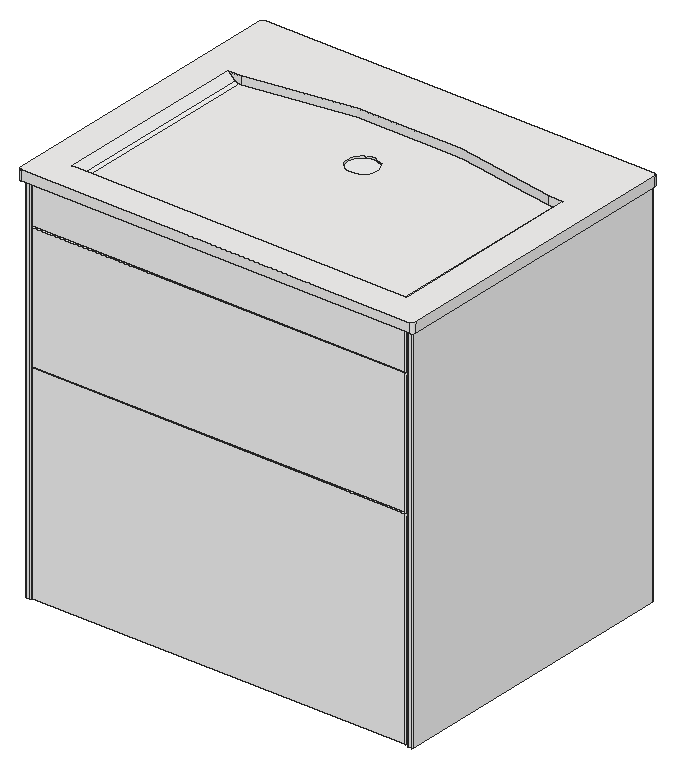
Revit family "CONV_Geberit_StorageUnits_IfoSense_SSMP60V2", category Furniture, Revit 2016
Family settings
  OmniClass Number = 23.40.20.21
  OmniClass Title = Toilet and Bath Specialties
  Work Plane-Based = No
  Always vertical = Yes
  Cut with Voids When Loaded = No
  Shared = No
  Room Calculation Point = No
Parameters (values of type "Ifo Sense furniture package SSMP 60 V2")
  WashbasinVisibility [instance] = yes
  WarrantyStartDate [instance] = "n/a"
  WarrantyGuarantorParts = "n/a"
  WarrantyGuarantorLabor = "n/a"
  WarrantyDurationUnit = "Year"
  WarrantyDurationParts = "n/a"
  WarrantyDurationLabor = "n/a"
  WarrantyDescription = "n/a"
  VersionDate = "19/04/2018"  # constant formula
  Version = "1"  # constant formula
  Uniclass2015Reference = "Pr_40_30_78_03"
  Uniclass2015Description = "Bathroom cabinets"
  Uniclass2 = "Pr_40_30_78_06"
  URL = "https://www.ifo.se/"
  Type Comments = ""
  TagNumber [instance] = "n/a"
  SustainabilityPerformance = "n/a"
  Style = "n/a"
  Size = "625x514x595 mm"
  Shape = "Rectangular"
  SerialNumber [instance] = "n/a"
  Revision = "n/a"
  ReplacementCost = "n/a"
  ProductURL_SE = "http://www.ifo.se/produkter/mobler/"
  ProductURL_NO = "http://www.ifosanitar.no/produkter/baderomsmbler/"
  ProductURL_DK = "http://www.ifo.dk/produkter/badevrelsesmbler/"
  ProductInformation = "Ifo Sense complete furniture package with underside, white, two soft-closing drawers and a washbasin with thin edge. A shelf, prepared for plumbing installation without extra hole picking. Straight grip in aluminum, water trap and adjustable suspension bracket included. Mixer not included."
  NotWashbasin [instance] = not(WashbasinVisibility)  # no
  NominalLength = 612.2 mm
  NominalHeight = 595 mm
  NominalDepth = 472 mm
  Name = "StorageUnits_IfoSense_SSMP60V2"
  NBSReference = "45-35-72/318"
  NBSDescription = "Bathroom cabinets"
  ModelReference = "n/a"
  ModelNumber = "42642"
  Material = "Wood, metal, porcelain"
  ManufacturerURL = "https://www.ifo.se/"
  ManufacturerName = "Ifo (Geberit Group)"
  MainColor = "White"
  InstallationDate [instance] = "n/a"
  ExpiringDate = "12/2018"  # constant formula
  Elevation [instance] = 450 mm
  EANNumber = "7391515443035"
  Description = ""
  Collection = "Ifo Sense"
  Model = "Ifo Sense furniture package SSMP 60 V2"
  Manufacturer = "Ifo (Geberit Group)"
  IfcExportType = "CABINET"  # constant formula
  IfcExportAs = "IfcFurnitureType"  # constant formula
  Grade = "n/a"
  Finish = "n/a"
  Features = "Water trap and adjustable suspension bracket"
  ExpectedLife = "n/a"
  DurationUnit = "Year"
  Cost = 0
  ConvergoRefNr = "0132-1802-0017-SE"
  Constituents = "n/a"
  Color = "White"
  CodePerformance = "n/a"
  Category = "Sink Cabinet"
  CabinetSecondaryMaterial = Porcelain, White
  CabinetMainMaterial = White
  Brand = "Ifo"
  Barcode [instance] = "n/a"
  BIMObjectName = "CONV_Geberit_StorageUnits_IfoSense_SSMP60V2"
  Author = "Convergo AB"  # constant formula
  AssetType = "Fixed"
  AssetIdentifier [instance] = "n/a"
  AccessibilityPerformance = "n/a"
Reference planes
  plane 1 "Center (Front/Back)": y = 0
  plane 2: z = 0
  plane 3 "Center (Left/Right)": x = 0
  plane 4: y = 236
  plane 5: y = -236
  plane 6: x = -306.1
  plane 7: x = 306.1
  plane 8: z = 450
  plane 9: z = 1045
  plane 10: z = 1030
Forms (mm)
  Extrusion 1, solid, material "White" <- "CabinetMainMaterial", visible <- "WashbasinVisibility", detail levels coarse
    sketch origin (0, 0, 0) x (1, 0, 0) y (0, 0, 1)
      loop
        line (-306.1, 1045) -> (-306.1, 450) -> (306.1, 450) -> (306.1, 1045) -> (-306.1, 1045)
    from 236 to -236
  Extrusion 2, solid, material "White" <- "CabinetMainMaterial", visible <- "NotWashbasin", detail levels coarse
    sketch origin (0, 0, 0) x (1, 0, 0) y (0, 0, 1)
      loop
        line (-300, 1030) -> (-300, 450) -> (300, 450) -> (300, 1030) -> (-300, 1030)
    from 230 to -236
Lines and regions (mm)
  symbolic lines, detail levels medium+fine
    curve 1: line (-300, 0, 450) -> (-300, 0, 1030)
    curve 2: line (-300, 0, 450) -> (300, 0, 450)
    curve 5: line (300, 0, 450) -> (300, 0, 1030)
    curve 9: line (0, 236, 450) -> (0, 236, 1030)
    curve 10: line (0, -230, 450) -> (0, -230, 1030)
    curve 11: line (0, -230, 450) -> (0, 236, 450)
  symbolic lines, detail levels fine
    curve 3: line (-292, 0, 1030) -> (-292, 0, 450)
    curve 4: line (-292, 0, 967) -> (292, 0, 967)
    curve 6: line (292, 0, 1030) -> (292, 0, 450)
    curve 12: line (-292, 0, 774) -> (292, 0, 774)
    curve 13: line (292, 0, 772) -> (-292, 0, 772)
    curve 14: line (-292, 0, 969) -> (292, 0, 969)
    curve 17: line (-284, 0, 1029) -> (284, 0, 1029)
    curve 19: line (-284, 0, 1029) -> (-292, 0, 1029)
    curve 20: line (284, 0, 1029) -> (292, 0, 1029)
    curve 21: line (0, 236, 1030) -> (0, -230, 1030)
  symbolic lines, visible <- "NotWashbasin", detail levels medium+fine
    curve 7: line (-300, 0, 1030) -> (-284, 0, 1030)
    curve 15: line (300, 0, 1030) -> (284, 0, 1030)
    curve 36: line (-300, 235, 0) -> (-300, -228, 0)
    curve 37: arc (-300, -228, 0) -> (-299.414, -229.414, 0) -> (-298, -230, 0) r 2
    curve 38: arc (-294, -230, 0) -> (-292.586, -229.414, 0) -> (-292, -228, 0) r 2
    curve 39: line (-292, -228, 0) -> (-292, -218, 0)
    curve 40: arc (-292, -218, 0) -> (-291.707, -217.293, 0) -> (-291, -217, 0) r 1
    curve 41: line (-291, -217, 0) -> (-285, -217, 0)
    curve 42: arc (-285, -217, 0) -> (-284.293, -216.707, 0) -> (-284, -216, 0) r 1
    curve 43: line (-284, -216, 0) -> (-284, -214, 0)
    curve 44: line (284, -214, 0) -> (281, -214, 0)
    curve 45: arc (-281, -214, 0) -> (-281.707, -214.293, 0) -> (-282, -215, 0) r 1
    curve 46: line (-282, -215, 0) -> (-282, -221, 0)
    curve 47: arc (-282, -221, 0) -> (-282.293, -221.707, 0) -> (-283, -222, 0) r 1
    curve 48: line (-283, -222, 0) -> (-289, -222, 0)
    curve 49: arc (-289, -222, 0) -> (-289.707, -222.293, 0) -> (-290, -223, 0) r 1
    curve 50: line (-290, -223, 0) -> (-290, -228, 0)
    curve 51: arc (-290, -228, 0) -> (-289.414, -229.414, 0) -> (-288, -230, 0) r 2
    curve 52: line (-288, -230, 0) -> (288, -230, 0)
    curve 53: line (299, 236, 0) -> (-299, 236, 0)
    curve 54: arc (288, -230, 0) -> (289.414, -229.414, 0) -> (290, -228, 0) r 2
    curve 55: line (290, -228, 0) -> (290, -223, 0)
    curve 56: arc (290, -223, 0) -> (289.707, -222.293, 0) -> (289, -222, 0) r 1
    curve 57: line (289, -222, 0) -> (283, -222, 0)
    curve 58: arc (283, -222, 0) -> (282.293, -221.707, 0) -> (282, -221, 0) r 1
    curve 59: line (282, -221, 0) -> (282, -215, 0)
    curve 60: arc (282, -215, 0) -> (281.707, -214.293, 0) -> (281, -214, 0) r 1
    curve 62: arc (284, -216, 0) -> (284.293, -216.707, 0) -> (285, -217, 0) r 1
    curve 63: line (285, -217, 0) -> (291, -217, 0)
    curve 64: arc (291, -217, 0) -> (291.707, -217.293, 0) -> (292, -218, 0) r 1
    curve 65: line (292, -218, 0) -> (292, -228, 0)
    curve 66: arc (292, -228, 0) -> (292.586, -229.414, 0) -> (294, -230, 0) r 2
    curve 67: line (294, -230, 0) -> (298, -230, 0)
    curve 68: arc (298, -230, 0) -> (299.414, -229.414, 0) -> (300, -228, 0) r 2
    curve 69: line (300, -228, 0) -> (300, 235, 0)
    curve 70: arc (300, 235, 0) -> (299.707, 235.707, 0) -> (299, 236, 0) r 1
    curve 71: line (284, -214, 0) -> (284, -216, 0)
    curve 74: line (-281, -214, 0) -> (-284, -214, 0)
    curve 95: line (-298, -230, 0) -> (-294, -230, 0)
    curve 96: line (294, -230, 0) -> (298, -230, 0)
  symbolic lines, visible <- "NotWashbasin", detail levels medium
    curve 8: line (-284, 0, 1030) -> (-284, 0, 1029)
    curve 16: line (284, 0, 1030) -> (284, 0, 1029)
    curve 18: line (284, 0, 1029) -> (-284, 0, 1029)
    curve 22: line (0, 236, 1030) -> (0, -230, 1030)
  symbolic lines, visible <- "WashbasinVisibility", detail levels medium+fine
    curve 23: line (0, -230, 1030) -> (0, -236.004, 1030)
    curve 24: line (0, -236.004, 1030) -> (0, -236.004, 1045)
    curve 25: line (0, -236.004, 1045) -> (0, 236.004, 1045)
    curve 26: line (0, 236.004, 1045) -> (0, 236.004, 1030)
    curve 27: line (-300, 0, 1030) -> (-301.106, 0, 1030)
    curve 28: line (-306.106, 0, 1035) -> (-306.106, 0, 1040)
    curve 29: line (-301.106, 0, 1045) -> (301.106, 0, 1045)
    curve 30: line (306.106, 0, 1040) -> (306.106, 0, 1035)
    curve 31: line (301.106, 0, 1030) -> (300, 0, 1030)
    curve 32: arc (301.106, 0, 1045) -> (304.641, 0, 1043.536) -> (306.106, 0, 1040) r 5
    curve 33: arc (306.106, 0, 1035) -> (304.641, 0, 1031.464) -> (301.106, 0, 1030) r 5
    curve 34: arc (-301.106, 0, 1045) -> (-304.641, 0, 1043.536) -> (-306.106, 0, 1040) r 5
    curve 35: arc (-306.106, 0, 1035) -> (-304.641, 0, 1031.464) -> (-301.106, 0, 1030) r 5
    curve 87: arc (-301.106, 236.004, 0) -> (-304.641, 234.54, 0) -> (-306.106, 231.004, 0) r 5
    curve 88: line (-306.106, 231.004, 0) -> (-306.106, -231.004, 0)
    curve 89: line (301.106, 236.004, 0) -> (-301.106, 236.004, 0)
    curve 90: arc (-306.106, -231.004, 0) -> (-304.641, -234.54, 0) -> (-301.106, -236.004, 0) r 5
    curve 91: line (-301.106, -236.004, 0) -> (301.106, -236.004, 0)
    curve 92: arc (301.106, -236.004, 0) -> (304.641, -234.54, 0) -> (306.106, -231.004, 0) r 5
    curve 93: line (306.106, -231.004, 0) -> (306.106, 231.004, 0)
    curve 94: arc (306.106, 231.004, 0) -> (304.641, 234.54, 0) -> (301.106, 236.004, 0) r 5
  symbolic lines, visible <- "NotWashbasin", detail levels fine
    curve 61: line (284, 236, 0) -> (284, -214, 0)
    curve 72: line (281, -214, 0) -> (-281, -214, 0)
    curve 73: line (-284, -214, 0) -> (-284, 236, 0)
  symbolic lines, visible <- "WashbasinVisibility", detail levels fine
    curve 75: arc (237.532, 111.756, 0) -> (0, 140.548, 0) -> (-237.532, 111.756, 0) r 994.232
    curve 76: line (-249.662, 111.756, 0) -> (-237.532, 111.756, 0)
    curve 77: line (-259.662, -181.016, 0) -> (-259.662, 101.756, 0)
    curve 78: line (249.662, -191.016, 0) -> (-249.662, -191.016, 0)
    curve 79: line (259.662, 101.756, 0) -> (259.662, -181.016, 0)
    curve 80: line (249.662, 111.756, 0) -> (237.532, 111.756, 0)
    curve 81: arc (22.999, 48.12, 0) -> (0, 71.12, 0) -> (-22.999, 48.12, 0) r 22.999
    curve 82: arc (-22.999, 48.12, 0) -> (0, 25.121, 0) -> (22.999, 48.12, 0) r 22.999
    curve 83: arc (-259.662, -181.016, 0) -> (-256.733, -188.087, 0) -> (-249.662, -191.016, 0) r 10
    curve 84: arc (249.662, -191.016, 0) -> (256.733, -188.087, 0) -> (259.662, -181.016, 0) r 10
    curve 85: arc (259.662, 101.756, 0) -> (256.733, 108.827, 0) -> (249.662, 111.756, 0) r 10
    curve 86: arc (-259.662, 101.756, 0) -> (-256.733, 108.827, 0) -> (-249.662, 111.756, 0) r 10
    curve 97: line (300, 0, 1030) -> (-300, 0, 1030)
Dimensions and locks
  equal spacing: plane 6, plane 3 "Center (Left/Right)", plane 7
  "NominalLength": plane 6 to plane 7
  equal spacing: plane 4, plane 1 "Center (Front/Back)", plane 5
  "NominalDepth": plane 4 to plane 5
  "Elevation": plane 8 to level
  plane 10 to plane 8 = 580 mm
  "NominalHeight": plane 8 to plane 9
  aligned and locked: level to plane 2
  aligned and locked: plane 4 to nested 1
  aligned and locked: nested 1 to plane 8
  aligned and locked: nested 1 to curve 18
  aligned and locked: curve 7 to nested 1
  aligned and locked: nested 1 to curve 15
  aligned and locked: curve 36 to nested 1
  aligned and locked: curve 37 to nested 1
  aligned and locked: curve 38 to nested 1
  aligned and locked: curve 39 to nested 1
  aligned and locked: curve 40 to nested 1
  aligned and locked: curve 41 to nested 1
  aligned and locked: curve 42 to nested 1
  aligned and locked: plane 8 to curve 11
  aligned and locked: plane 8 to nested 1
  aligned and locked: curve 25 to plane 9
  aligned and locked: curve 22 to nested 1
  aligned and locked: plane 10 to nested 1
  aligned and locked: nested 2 to plane 10
  aligned and locked: plane 8 to Extrusion 1 sketch curve
  aligned and locked: plane 7 to Extrusion 1 sketch curve
  aligned and locked: plane 6 to Extrusion 1 sketch curve
  aligned and locked: plane 9 to Extrusion 1 sketch curve
  aligned and locked: Extrusion 1 to plane 5
  aligned and locked: plane 4 to Extrusion 1
  aligned and locked: Extrusion 2 sketch curve to nested 1
  aligned and locked: Extrusion 2 sketch curve to curve 1
  aligned and locked: Extrusion 2 sketch curve to curve 2
  aligned and locked: Extrusion 2 sketch curve to curve 5
  aligned and locked: Extrusion 2 to curve 10
  aligned and locked: plane 4 to Extrusion 2
Automatic sketch dimensions
  curve 53 to plane 4 = 0 mm
  curve 81 to plane 3 "Center (Left/Right)" = 0 mm
  curve 75 to plane 3 "Center (Left/Right)" = 0 mm
  plane 6 to curve 76 = 68.568 mm
  plane 6 to curve 83 = 56.438 mm
  curve 86 to curve 75 = 12.13 mm
  curve 77 to curve 83 = 10 mm
  plane 6 to curve 72 = 25.1 mm
  curve 46 to curve 45 = 1 mm
  curve 48 to curve 47 = 1 mm
  curve 74 to curve 45 = 2 mm
  curve 42 to curve 42 = 1 mm
  plane 5 to curve 52 = 6 mm
  curve 52 to curve 47 = 5 mm
  curve 48 to curve 47 = 6 mm
  curve 50 to curve 49 = 1 mm
  curve 40 to curve 48 = 2 mm
  curve 39 to curve 50 = 2 mm
  curve 38 to curve 38 = 2 mm
  curve 95 to curve 95 = 4 mm
  curve 36 to curve 37 = 2 mm
  curve 90 to curve 36 = 1.106 mm
  plane 4 to curve 89 = 0.004 mm
  curve 89 to curve 36 = 1.106 mm
  curve 88 to plane 6 = 0.006 mm
  plane 7 to curve 80 = 68.568 mm
  curve 75 to curve 80 = 12.13 mm
  plane 7 to curve 78 = 56.438 mm
  curve 84 to curve 79 = 10 mm
  plane 7 to curve 72 = 25.1 mm
  curve 60 to curve 59 = 1 mm
  curve 58 to curve 57 = 1 mm
  curve 60 to curve 44 = 2 mm
  curve 62 to curve 62 = 1 mm
  curve 58 to curve 54 = 5 mm
  curve 57 to curve 57 = 6 mm
  curve 54 to curve 55 = 2 mm
  curve 57 to curve 64 = 2 mm
  curve 64 to curve 65 = 1 mm
  curve 66 to curve 66 = 2 mm
  curve 66 to curve 68 = 4 mm
  curve 70 to plane 4 = 1 mm
  plane 7 to curve 70 = 7.1 mm
  curve 68 to curve 92 = 1.106 mm
  curve 70 to curve 89 = 1.106 mm
  curve 93 to plane 7 = 0.006 mm
  curve 67 to curve 55 = 2 mm
  curve 95 to curve 50 = 2 mm
  plane 5 to curve 88 = 4.996 mm
  curve 75 to plane 5 = 617.685 mm
  curve 50 to curve 50 = 5 mm
  curve 54 to curve 56 = 5 mm
  curve 48 to curve 39 = 4 mm
  curve 57 to curve 65 = 4 mm
  curve 71 to curve 59 = 1 mm
  curve 60 to curve 78 = 22.984 mm
  curve 82 to plane 1 "Center (Front/Back)" = 48.12 mm
  curve 81 to plane 3 "Center (Left/Right)" = 22.999 mm
  curve 36 to curve 53 = 1 mm
  curve 36 to plane 4 = 1 mm
  curve 34 to plane 9 = 0 mm
  curve 1 to plane 8 = 0 mm
  curve 28 to plane 6 = 0.006 mm
  plane 6 to curve 35 = 4.994 mm
  plane 6 to curve 34 = 4.994 mm
  curve 27 to curve 1 = 1.106 mm
  curve 1 to curve 8 = 16 mm
  plane 7 to curve 17 = 22.1 mm
  plane 7 to curve 5 = 6.1 mm
  plane 7 to curve 33 = 4.994 mm
  plane 7 to curve 32 = 4.994 mm
  curve 30 to plane 7 = 0.006 mm
  plane 6 to curve 12 = 14.1 mm
  curve 16 to curve 20 = 8 mm
  curve 13 to curve 20 = 257 mm
  curve 13 to curve 12 = 2 mm
  curve 4 to curve 20 = 62 mm
  curve 4 to curve 14 = 2 mm
  curve 79 to plane 1 "Center (Front/Back)" = 101.756 mm
  curve 21 to plane 4 = 0 mm
  curve 26 to plane 10 = 0 mm
  curve 25 to plane 5 = 0.004 mm
  plane 4 to curve 26 = 0.004 mm
Nested families
  nested 1: "ifo_sense_ssmp_60" at (0, 3, 450), CabinetMaterial <- "CabinetMainMaterial", type "ifo_sense_ssmp_60", detail levels medium+fine
    with CabinetMaterial White
  nested 2: "ifo_sense_basin_60_slim" at (0, 0, 1030), BasinMaterial <- "CabinetSecondaryMaterial", visible <- "WashbasinVisibility", type "ifo_sense_basin_60_slim", detail levels medium+fine
    with BasinMaterial Porcelain, White
Definition of nested family "ifo_sense_ssmp_60"
  Parameters (values of type "ifo_sense_ssmp_60")
    Length = 600 mm
    Depth = 466 mm
    CabinetMaterial [instance] = none
  Reference planes
    plane 1 "Center (Front/Back)": y = 0
    plane 2: z = 0
    plane 3 "Center (Left/Right)": x = 0
    plane 4: x = -300
    plane 5: x = 300
    plane 6: y = 233
    plane 7: y = -233
    plane 8: z = 580
  Forms (mm)
    Extrusion 1, solid, material <- "CabinetMaterial"
      sketch origin (0, 0, 0) x (1, 0, 0) y (0, 1, 0)
        loop
          line (-300, 232) -> (-300, -231)
          arc (-300, -231) -> (-299.414, -232.414) -> (-298, -233) r 2
          line (-298, -233) -> (-294, -233)
          arc (-294, -233) -> (-292.586, -232.414) -> (-292, -231) r 2
          line (-292, -231) -> (-292, -221)
          arc (-292, -221) -> (-291.707, -220.293) -> (-291, -220) r 1
          line (-291, -220) -> (-285, -220)
          arc (-285, -220) -> (-284.293, -219.707) -> (-284, -219) r 1
          line (-284, -219) -> (-284, -217) -> (284, -217) -> (284, -219)
          arc (284, -219) -> (284.293, -219.707) -> (285, -220) r 1
          line (285, -220) -> (291, -220)
          arc (291, -220) -> (291.707, -220.293) -> (292, -221) r 1
          line (292, -221) -> (292, -231)
          arc (292, -231) -> (292.586, -232.414) -> (294, -233) r 2
          line (294, -233) -> (298, -233)
          arc (298, -233) -> (299.414, -232.414) -> (300, -231) r 2
          line (300, -231) -> (300, 232)
          arc (300, 232) -> (299.707, 232.707) -> (299, 233) r 1
          line (299, 233) -> (-299, 233)
          arc (-299, 233) -> (-299.707, 232.707) -> (-300, 232) r 1
      from 0 to 580
    Extrusion 2, void
      sketch origin (0, 0, 0) x (1, 0, 0) y (0, 0, 1)
        loop
          line (-284, 577) -> (284, 577) -> (284, 585.653) -> (-284, 585.653) -> (-284, 577)
      from -334.355 to 250
    Extrusion 3, solid, material <- "CabinetMaterial"
      sketch origin (0, 0, 0) x (1, 0, 0) y (0, 1, 0)
        loop
          arc (-289, -225) -> (-289.707, -225.293) -> (-290, -226) r 1
          line (-290, -226) -> (-290, -231)
          arc (-290, -231) -> (-289.414, -232.414) -> (-288, -233) r 2
          line (-288, -233) -> (288, -233)
          arc (288, -233) -> (289.414, -232.414) -> (290, -231) r 2
          line (290, -231) -> (290, -226)
          arc (290, -226) -> (289.707, -225.293) -> (289, -225) r 1
          line (289, -225) -> (283, -225)
          arc (283, -225) -> (282.293, -224.707) -> (282, -224) r 1
          line (282, -224) -> (282, -218)
          arc (282, -218) -> (281.707, -217.293) -> (281, -217) r 1
          line (281, -217) -> (-281, -217)
          arc (-281, -217) -> (-281.707, -217.293) -> (-282, -218) r 1
          line (-282, -218) -> (-282, -224)
          arc (-282, -224) -> (-282.293, -224.707) -> (-283, -225) r 1
          line (-283, -225) -> (-289, -225)
      from 324 to 517
    Extrusion 4, solid, material <- "CabinetMaterial"
      sketch origin (0, 0, -165) x (1, 0, 0) y (0, 1, 0)
        loop
          arc (-289, -225) -> (-289.707, -225.293) -> (-290, -226) r 1
          line (-290, -226) -> (-290, -231)
          arc (-290, -231) -> (-289.414, -232.414) -> (-288, -233) r 2
          line (-288, -233) -> (288, -233)
          arc (288, -233) -> (289.414, -232.414) -> (290, -231) r 2
          line (290, -231) -> (290, -226)
          arc (290, -226) -> (289.707, -225.293) -> (289, -225) r 1
          line (289, -225) -> (283, -225)
          arc (283, -225) -> (282.293, -224.707) -> (282, -224) r 1
          line (282, -224) -> (282, -218)
          arc (282, -218) -> (281.707, -217.293) -> (281, -217) r 1
          line (281, -217) -> (-281, -217)
          arc (-281, -217) -> (-281.707, -217.293) -> (-282, -218) r 1
          line (-282, -218) -> (-282, -224)
          arc (-282, -224) -> (-282.293, -224.707) -> (-283, -225) r 1
          line (-283, -225) -> (-289, -225)
      from 167.013 to 487
    Extrusion 5, solid, material <- "CabinetMaterial"
      sketch origin (0, 0, 45) x (1, 0, 0) y (0, 1, 0)
        loop
          arc (-289, -225) -> (-289.707, -225.293) -> (-290, -226) r 1
          line (-290, -226) -> (-290, -231)
          arc (-290, -231) -> (-289.414, -232.414) -> (-288, -233) r 2
          line (-288, -233) -> (288, -233)
          arc (288, -233) -> (289.414, -232.414) -> (290, -231) r 2
          line (290, -231) -> (290, -226)
          arc (290, -226) -> (289.707, -225.293) -> (289, -225) r 1
          line (289, -225) -> (283, -225)
          arc (283, -225) -> (282.293, -224.707) -> (282, -224) r 1
          line (282, -224) -> (282, -218)
          arc (282, -218) -> (281.707, -217.293) -> (281, -217) r 1
          line (281, -217) -> (-281, -217)
          arc (-281, -217) -> (-281.707, -217.293) -> (-282, -218) r 1
          line (-282, -218) -> (-282, -224)
          arc (-282, -224) -> (-282.293, -224.707) -> (-283, -225) r 1
          line (-283, -225) -> (-289, -225)
      from 474 to 534
  Cuts and joins
    Extrusion 2 cuts Extrusion 1
  Dimensions and locks
    equal spacing: plane 4, plane 3 "Center (Left/Right)", plane 5
    "Length": plane 4 to plane 5
    equal spacing: plane 6, plane 1 "Center (Front/Back)", plane 7
    "Depth": plane 6 to plane 7
    plane 8 to level = 580 mm
    aligned and locked: level to plane 2
  Automatic sketch dimensions
    Extrusion 1 sketch curve to plane 4 = 0 mm
    Extrusion 1 sketch curve to plane 6 = 0 mm
    Extrusion 1 sketch curve to plane 7 = 0 mm  (x2)
    Extrusion 1 sketch curve to plane 5 = 0 mm
    plane 4 to Extrusion 1 sketch curve = 1 mm
    plane 4 to Extrusion 1 sketch curve = 2 mm
    Extrusion 1 sketch curve to Extrusion 1 sketch curve = 4 mm
    plane 7 to Extrusion 1 sketch curve = 2 mm  (x2)
    Extrusion 1 sketch curve to Extrusion 1 sketch curve = 1 mm  (x3)
    Extrusion 1 sketch curve to Extrusion 1 sketch curve = 6 mm  (x2)
    Extrusion 1 sketch curve to plane 5 = 16 mm
    Extrusion 1 sketch curve to plane 5 = 8 mm
    Extrusion 1 sketch curve to plane 5 = 2 mm
    Extrusion 1 sketch curve to plane 5 = 1 mm
    Extrusion 1 sketch curve to Extrusion 1 sketch curve = 10 mm  (x2)
    Extrusion 1 sketch curve to Extrusion 1 sketch curve = 2 mm
    plane 8 to Extrusion 2 sketch curve = 5.653 mm
    plane 4 to Extrusion 2 sketch curve = 16 mm
    Extrusion 2 sketch curve to plane 5 = 16 mm
    Extrusion 2 sketch curve to plane 8 = 3 mm
    Extrusion 3 sketch curve to plane 7 = 0 mm
    plane 4 to Extrusion 3 sketch curve = 10 mm
    Extrusion 3 sketch curve to Extrusion 3 sketch curve = 1 mm  (x6)
    plane 7 to Extrusion 3 sketch curve = 2 mm  (x2)
    Extrusion 3 sketch curve to Extrusion 3 sketch curve = 6 mm  (x2)
    Extrusion 3 sketch curve to plane 5 = 19 mm
    Extrusion 3 sketch curve to Extrusion 3 sketch curve = 5 mm  (x3)
    Extrusion 4 sketch curve to plane 7 = 0 mm
    plane 4 to Extrusion 4 sketch curve = 10 mm
    Extrusion 4 sketch curve to Extrusion 4 sketch curve = 1 mm  (x6)
    plane 7 to Extrusion 4 sketch curve = 2 mm  (x2)
    Extrusion 4 sketch curve to Extrusion 4 sketch curve = 6 mm  (x2)
    Extrusion 4 sketch curve to plane 5 = 19 mm
    Extrusion 4 sketch curve to Extrusion 4 sketch curve = 5 mm  (x3)
    Extrusion 5 sketch curve to plane 7 = 0 mm
    plane 4 to Extrusion 5 sketch curve = 10 mm
    Extrusion 5 sketch curve to Extrusion 5 sketch curve = 1 mm  (x6)
    plane 7 to Extrusion 5 sketch curve = 2 mm  (x2)
    Extrusion 5 sketch curve to Extrusion 5 sketch curve = 6 mm  (x2)
    Extrusion 5 sketch curve to plane 5 = 19 mm
    Extrusion 5 sketch curve to Extrusion 5 sketch curve = 5 mm  (x3)
Definition of nested family "ifo_sense_basin_60_slim"
  Parameters (values of type "ifo_sense_basin_60_slim")
    BasinMaterial [instance] = none
  Reference planes
    plane 1 "Center (Front/Back)": y = 0
    plane 2: z = 0
    plane 3 "Center (Left/Right)": x = 0
    plane 4: z = 70
    plane 5: y = 236.004
    plane 6: y = -236.004
    plane 7: x = -306.106
    plane 8: x = 306.106
  Forms (mm)
    Extrusion 1, solid, material <- "BasinMaterial"
      sketch origin (0, 0, 0) x (1, 0, 0) y (0, 1, 0)
        loop
          line (-306.106, 231.004) -> (-306.106, -231.004)
          arc (-306.106, -231.004) -> (-304.641, -234.54) -> (-301.106, -236.004) r 5
          line (-301.106, -236.004) -> (301.106, -236.004)
          arc (301.106, -236.004) -> (304.641, -234.54) -> (306.106, -231.004) r 5
          line (306.106, -231.004) -> (306.106, 231.004)
          arc (306.106, 231.004) -> (304.641, 234.54) -> (301.106, 236.004) r 5
          line (301.106, 236.004) -> (-301.106, 236.004)
          arc (-301.106, 236.004) -> (-304.641, 234.54) -> (-306.106, 231.004) r 5
      from 0 to 15
    Extrusion 2, void
      sketch origin (0, 0, 0) x (1, 0, 0) y (0, 1, 0)
        loop
          circle (0, 48.12) r 22.999
      from -197.598 to 531.32
    Sweep 3, void
      path origin (0, 0, 0) x (1, 0, 0) y (0, 1, 0)
        loop
          line (-299.898, 111.756) -> (-299.898, -231.252) -> (299.898, -231.252) -> (299.898, 111.756)
      profile origin (-299.898, -59.748, 0) x (1, 0, 0) y (0, 0, 1)
        loop
          arc (50.887, 4.611) -> (53.605, 3.03) -> (56.701, 2.481) r 9
          line (56.701, 2.481) -> (62.366, 2.481) -> (62.366, 85.479) -> (7.897, 85.479)
          arc (7.897, 85.479) -> (14.44, 62.92) -> (23.172, 41.116) r 238.234
          arc (23.172, 41.116) -> (35.022, 21.339) -> (50.887, 4.611) r 105.422
    Extrusion 4, solid, material <- "BasinMaterial"
      sketch origin (0, 0, 0) x (1, 0, 0) y (0, 1, 0)
        loop
          line (-237.532, 111.756) -> (-237.532, -168.886) -> (237.532, -168.886) -> (237.532, 111.756)
          arc (237.532, 111.756) -> (0, 140.548) -> (-237.532, 111.756) r 994.232
      from 0 to 2.481
    Extrusion 5, void
      sketch origin (0, 0, 0) x (1, 0, 0) y (0, 1, 0)
        loop
          line (-237.532, -168.886) -> (237.532, -168.886) -> (237.532, 111.756)
          arc (237.532, 111.756) -> (0, 140.548) -> (-237.532, 111.756) r 994.232
          line (-237.532, 111.756) -> (-237.532, -168.886)
      from 0 to 250
  Cuts and joins
    Extrusion 2, Sweep 3, Extrusion 5 cuts Extrusion 1
    Extrusion 2 cuts Extrusion 4
    joined: Extrusion 1, Extrusion 4
  Dimensions and locks
    plane 4 to level = 70 mm
    equal spacing: cut or joined group of Extrusion 1, Extrusion 2, Sweep 3, Extrusion 4, Extrusion 5, plane 3 "Center (Left/Right)", cut or joined group of Extrusion 1, Extrusion 2, Sweep 3, Extrusion 4, Extrusion 5
    cut or joined group of Extrusion 1, Extrusion 2, Sweep 3, Extrusion 4, Extrusion 5 to cut or joined group of Extrusion 1, Extrusion 2, Sweep 3, Extrusion 4, Extrusion 5 = 612.212 mm
    equal spacing: cut or joined group of Extrusion 1, Extrusion 2, Sweep 3, Extrusion 4, Extrusion 5, plane 1 "Center (Front/Back)", cut or joined group of Extrusion 1, Extrusion 2, Sweep 3, Extrusion 4, Extrusion 5
    cut or joined group of Extrusion 1, Extrusion 2, Sweep 3, Extrusion 4, Extrusion 5 to cut or joined group of Extrusion 1, Extrusion 2, Sweep 3, Extrusion 4, Extrusion 5 = 472.008 mm
    aligned and locked: level to plane 2
  Automatic sketch dimensions
    Extrusion 1 sketch curve to plane 7 = 0 mm
    Extrusion 1 sketch curve to plane 6 = 0 mm
    Extrusion 1 sketch curve to plane 5 = 0 mm
    Extrusion 1 sketch curve to plane 8 = 0 mm
    Extrusion 1 sketch curve to Extrusion 1 sketch curve = 5 mm  (x2)
    plane 8 to Extrusion 1 sketch curve = 5 mm
    plane 6 to Extrusion 1 sketch curve = 5 mm
    Extrusion 2 sketch curve to plane 3 "Center (Left/Right)" = 0 mm
    Extrusion 2 sketch curve to plane 1 "Center (Front/Back)" = 48.12 mm
    plane 7 to Sweep 3 sketch curve = 6.208 mm
    plane 8 to Sweep 3 sketch curve = 6.208 mm
    plane 6 to Sweep 3 sketch curve = 4.752 mm
    Sweep 3 sketch curve to plane 1 "Center (Front/Back)" = 111.756 mm  (x2)
    Sweep 3 sketch curve to profile plane = 7.897 mm
    level to Sweep 3 sketch curve = 2.481 mm
    Sweep 3 sketch curve to profile plane = 56.701 mm
    Sweep 3 sketch curve to Sweep 3 sketch curve = 54.469 mm
    Sweep 3 sketch curve to Sweep 3 sketch curve = 56.62 mm
    Sweep 3 sketch curve to Sweep 3 sketch curve = 120.708 mm
    Sweep 3 sketch curve to Sweep 3 sketch curve = 9 mm
    level to Sweep 3 sketch curve = 85.086 mm
    Sweep 3 sketch curve to Sweep 3 sketch curve = 0.392 mm
    Sweep 3 sketch curve to Sweep 3 sketch curve = 55.395 mm
    Sweep 3 sketch curve to Sweep 3 sketch curve = 0 mm
    Extrusion 4 sketch curve to plane 3 "Center (Left/Right)" = 0 mm
    plane 7 to Extrusion 4 sketch curve = 68.574 mm
    plane 8 to Extrusion 4 sketch curve = 68.574 mm
    Extrusion 4 sketch curve to plane 6 = 617.681 mm
    plane 6 to Extrusion 4 sketch curve = 67.118 mm
    Extrusion 4 sketch curve to plane 1 "Center (Front/Back)" = 111.756 mm
    Extrusion 5 sketch curve to plane 3 "Center (Left/Right)" = 0 mm
    plane 7 to Extrusion 5 sketch curve = 68.574 mm
    plane 8 to Extrusion 5 sketch curve = 68.574 mm
    Extrusion 5 sketch curve to plane 6 = 617.681 mm
    plane 6 to Extrusion 5 sketch curve = 67.118 mm
    Extrusion 5 sketch curve to plane 1 "Center (Front/Back)" = 111.756 mm
    radius of Extrusion 2 sketch curve = 22.999 mm
